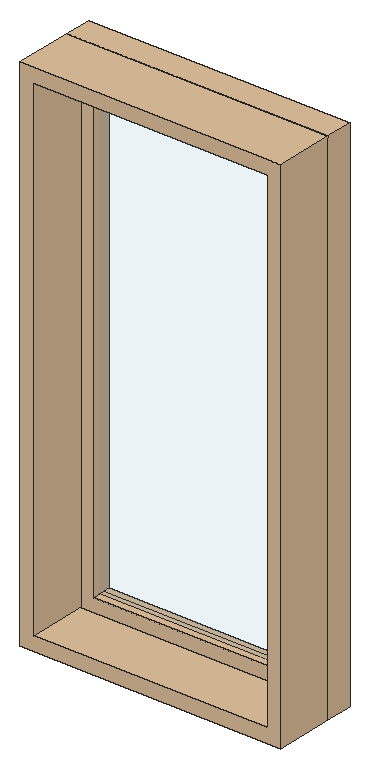
Revit family "固定窗", category 窗, Revit 2018
Family settings
  主体 = 墙
  OmniClass 编号 = 23.30.20.17.11
  OmniClass 标题 = Fixed Windows
  总是垂直 = 是
  加载时剪切的空心 = 否
  共享 = 否
  房间计算点 = 否
Parameters (values of type "0610 x 1220mm")
  热阻(R) = 0.271106 (m²·K)/W
  Visual Light Transmittance = 0.9
  Solar Heat Gain Coefficient = 0.78
  构造类型 ID = "GSP4R"
  传热系数(U) = 3.6886 W/(m²·K)
  框架外部材质 = 窗扇
  框架内部材质 = 窗扇
  玻璃嵌板材质 = 玻璃
  高度 = 1220 mm
  窗扇 = 窗扇
  默认窗台高度 = 900 mm
  墙闭合 = 按主体
  宽度 = 610 mm
  窗嵌入 = 19 mm
  分析构造 = "1/8 英寸 Pilkington 单层玻璃"
Types (12, lengths in mm): name | 热阻(R) | Solar Heat Gain Coefficient | 传热系数(U) | 框架外部材质 | 框架内部材质 | 高度 | 窗扇 | 默认窗台高度 | 宽度
  0406 x 0610mm | 0.271106 (m²·K)/W | 0.78 | 3.6886 W/(m²·K) | 窗扇 | 窗扇 | 610 | 窗扇 | 915 | 406
  0406 x 1220mm | 0.271106 (m²·K)/W | 0.78 | 3.6886 W/(m²·K) | 窗扇 | 窗扇 | 1220 | 窗扇 | 915 | 406
  0610 x 0610mm | 0.271106 (m²·K)/W | 0.78 | 3.6886 W/(m²·K) | 窗扇 | 窗扇 | 610 | 窗扇 | 915 | 610
  0610 x 1220mm | 0.271106 (m²·K)/W | 0.78 | 3.6886 W/(m²·K) | 窗扇 | 窗扇 | 1220 | 窗扇 | 900 | 610
  0915 x 0610mm | 0.271106 (m²·K)/W | 0.78 | 3.6886 W/(m²·K) | 窗扇 | 窗扇 | 610 | 窗扇 | 915 | 915
  0915 x 1220mm | 0.271106 (m²·K)/W | 0.78 | 3.6886 W/(m²·K) | 窗扇 | 窗扇 | 1220 | 窗扇 | 915 | 915
  0406 x 1830mm | 0.271106 (m²·K)/W | 0.78 | 3.6886 W/(m²·K) | 窗扇 | 窗扇 | 1830 | 窗扇 | 305 | 406
  0610 x 1830mm | 0.271106 (m²·K)/W | 0.78 | 3.6886 W/(m²·K) | 窗扇 | 窗扇 | 1830 | 窗扇 | 305 | 610
  0915 x 1830mm | 0.271106 (m²·K)/W | 0.78 | 3.6886 W/(m²·K) | 窗扇 | 窗扇 | 1830 | 窗扇 | 305 | 915
  1000 x 1200mm | 0.1491 (m²·K)/W | 0.86 | 6.7069 W/(m²·K) | none | none | 1200 | none | 800 | 1000
  1500 x 1500mm | 0.1491 (m²·K)/W | 0.86 | 6.7069 W/(m²·K) | none | none | 1500 | none | 800 | 1500
  1200 x 1500mm | 0.1491 (m²·K)/W | 0.86 | 6.7069 W/(m²·K) | none | none | 1500 | none | 800 | 1200
Reference planes
  plane 1: y = 0
  plane 2 "中心": x = 0
  plane 3 "左": x = -305
  plane 4 "右": x = 305
  plane 5 "窗台": z = 900
  plane 6 "水头": z = 2120
  plane 7: x = -286
  plane 8: x = 286
  plane 9: x = -273
  plane 10: x = 273
  plane 11: z = 2101
  plane 12: z = 2088
  plane 13: z = 932
  plane 14 "隔板": y = 66
Forms (mm)
  Extrusion 1, solid, material "窗扇" <- "框架内部材质"
    sketch origin (0, 0, 0) x (-1, 0, 0) y (0, 0, 1)
      loop
        line (-305, 2120) -> (-305, 900) -> (305, 900) -> (305, 2120) -> (-305, 2120)
      loop
        line (-273, 2088) -> (-273, 932) -> (273, 932) -> (273, 2088) -> (-273, 2088)
    from -87 to 50
  Extrusion 2, solid, material "窗扇" <- "框架外部材质"
    sketch origin (0, 0, 0) x (-1, 0, 0) y (0, 0, 1)
      loop
        line (-305, 2120) -> (-305, 900) -> (305, 900) -> (305, 2120) -> (-305, 2120)
      loop
        line (-286, 2101) -> (-286, 919) -> (286, 919) -> (286, 2101) -> (-286, 2101)
    from 50 to 113
  Extrusion 3, solid, material "窗扇" <- "窗扇"
    sketch origin (0, 0, 0) x (-1, 0, 0) y (0, 0, 1)
      loop
        line (-286, 2101) -> (-286, 919) -> (286, 919) -> (286, 2101) -> (-286, 2101)
      loop
        line (-242, 2057) -> (-242, 963) -> (242, 963) -> (242, 2057) -> (-242, 2057)
    from 50 to 94
  Extrusion 4, solid, material "玻璃" <- "玻璃嵌板材质"
    sketch origin (0, 0, 0) x (-1, 0, 0) y (0, 0, 1)
      loop
        line (-242, 2057) -> (-242, 963) -> (242, 963) -> (242, 2057) -> (-242, 2057)
    from 66 to 78
Lines and regions (mm)
  Opening 1
    outline origin (3500, -87, 0) x (1, 0, 0) y (0, 0, 1)
      loop
        line (-3195, 900) -> (-3195, 2120) -> (-3805, 2120) -> (-3805, 900) -> (-3195, 900)
  symbolic lines, style "WindowsFrameMullionProjection"
    curve 1: line (-305, 113, 0) -> (-286, 113, 0)
    curve 2: line (-305, -87, 0) -> (-273, -87, 0)
    curve 3: line (-286, 94, 0) -> (-242, 94, 0)
    curve 4: line (-286, 50, 0) -> (-242, 50, 0)
    curve 5: line (-286, 113, 0) -> (-286, 50, 0)
    curve 6: line (-242, 94, 0) -> (-242, 50, 0)
    curve 7: line (-273, 50, 0) -> (-273, -87, 0)
    curve 8: line (303.878, 113, 0) -> (286, 113, 0)
    curve 9: line (286, 113, 0) -> (286, 50, 0)
    curve 10: line (286, 94, 0) -> (242, 94, 0)
    curve 11: line (242, 94, 0) -> (242, 50, 0)
    curve 12: line (242, 50, 0) -> (286, 50, 0)
    curve 13: line (305, -87, 0) -> (273, -87, 0)
    curve 14: line (273, 50, 0) -> (273, -87, 0)
  symbolic lines, style "WindowsGlassProjection"
    curve 15: line (-242, 72, 0) -> (242, 72, 0)
Text (mm)
  text "EXTERIOR" at (-1394.263, 836.427, 0), in view "楼板线"
  text "INTERIOR" at (-1394.263, -535.979, 0), in view "楼板线"
  text "Exterior" at (0, 314.263, 3273.967), in view "右"
  text "Exterior" at (0, 999.457, 3063.296), in view "左"
Dimensions and locks
  equal spacing: plane 3 "左", plane 2 "中心", plane 4 "右"
  "宽度": plane 3 "左" to plane 4 "右"
  "高度": plane 5 "窗台" to plane 6 "水头"
  "默认窗台高度": plane 5 "窗台" to level
  "窗嵌入": host wall to Extrusion 3
  locked: Extrusion 3 to Extrusion 3 at 44
  locked: Extrusion 3 to Extrusion 4 at 16
  locked: Extrusion 4 to Extrusion 4 at 12
  locked: Extrusion 1 sketch curve to Extrusion 1 sketch curve at 32  (x2)
  locked: plane 3 "左" to plane 7 at 19
  locked: plane 8 to plane 4 "右" at 19
  locked: plane 10 to plane 4 "右" at 32
  locked: plane 3 "左" to plane 9 at 32
  locked: plane 11 to plane 6 "水头" at 19
  locked: plane 6 "水头" to plane 12 at 32
  locked: plane 13 to plane 5 "窗台" at 32
  locked: plane 14 "隔板" to host wall at 47
  aligned and locked: host wall to Extrusion 1
  aligned and locked: host wall to Extrusion 2
  aligned and locked: Extrusion 3 sketch curve to Extrusion 2  (x4)
  aligned and locked: Extrusion 3 to Extrusion 1
  aligned and locked: Extrusion 2 to Extrusion 1
  aligned and locked: Extrusion 4 sketch curve to Extrusion 3  (x4)
  aligned and locked: curve 1 to Extrusion 2  (x2)
  aligned and locked: Extrusion 1 to curve 2
  aligned and locked: curve 3 to Extrusion 3
  aligned and locked: curve 4 to Extrusion 2  (x2)
  aligned and locked: curve 5 to Extrusion 2
  aligned and locked: curve 6 to Extrusion 3
  aligned and locked: curve 7 to Extrusion 1
  aligned and locked: Extrusion 2 to curve 9
  aligned and locked: curve 10 to Extrusion 3
  aligned and locked: curve 11 to Extrusion 3
  aligned and locked: Extrusion 3 to curve 12
  aligned and locked: curve 13 to Extrusion 1  (x2)
  aligned and locked: curve 14 to Extrusion 1
  aligned and locked: Extrusion 2 to curve 8
Automatic sketch dimensions
  Extrusion 1 sketch curve to plane 5 "窗台" = 32 mm
  plane 6 "水头" to Extrusion 1 sketch curve = 32 mm
  plane 4 "右" to Extrusion 2 sketch curve = 19 mm
  Extrusion 2 sketch curve to Extrusion 2 sketch curve = 19 mm
  Extrusion 2 sketch curve to plane 5 "窗台" = 19 mm
  plane 6 "水头" to Extrusion 2 sketch curve = 19 mm
  Extrusion 3 sketch curve to Extrusion 3 sketch curve = 44 mm
  Extrusion 3 sketch curve to plane 3 "左" = 63 mm
  Extrusion 3 sketch curve to plane 5 "窗台" = 63 mm
  plane 6 "水头" to Extrusion 3 sketch curve = 63 mm
  Extrusion 1 sketch curve to plane 4 "右" = 0 mm
  Extrusion 1 sketch curve to plane 3 "左" = 0 mm
  Extrusion 1 sketch curve to plane 5 "窗台" = 0 mm
  Extrusion 1 sketch curve to plane 6 "水头" = 0 mm
  Extrusion 2 sketch curve to plane 4 "右" = 0 mm
  Extrusion 2 sketch curve to plane 3 "左" = 0 mm
  Extrusion 2 sketch curve to plane 5 "窗台" = 0 mm
  Extrusion 2 sketch curve to plane 6 "水头" = 0 mm
  plane 4 "右" to curve 8 = 1.122 mm
  curve 15 to curve 3 = 22 mm
  curve 2 to host wall = 0 mm
  Opening 1 sketch curve to plane 3 "左" = 0 mm
  Opening 1 sketch curve to plane 4 "右" = 0 mm
  Opening 1 sketch curve to plane 5 "窗台" = 0 mm
  Opening 1 sketch curve to plane 6 "水头" = 0 mm
